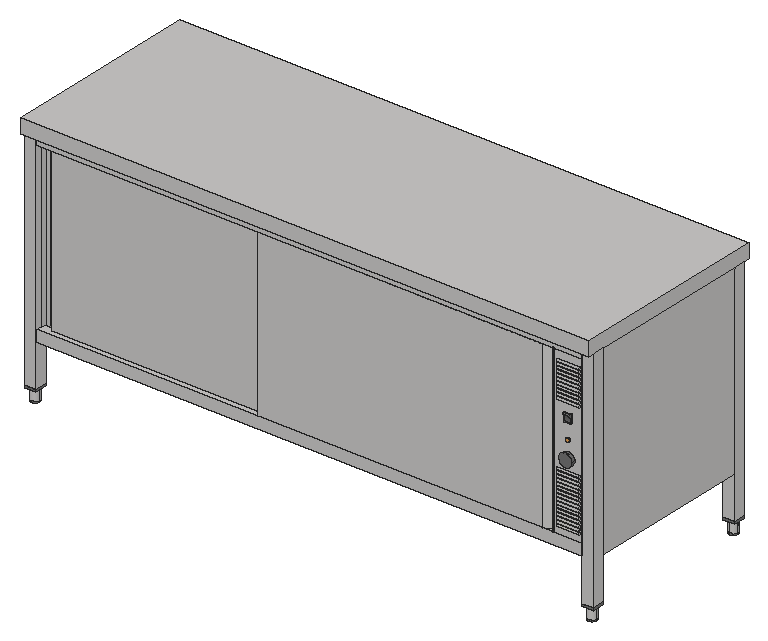
Revit family "QF_ELECTROLUXPROFESSIONAL_134058_GTCD2000E", category Attrezzature speciali, Revit 2020
Family settings
  Quota connettore circolare = Usa diametro
  Tipo di parte = Normale
  Basato su piano di lavoro = No
  Sempre verticale = Sì
  Taglio con vuoti quando caricato = No
  Condiviso = No
  Punto di calcolo locali = No
Parameters (values of type "Standard")
  Weight = 116.00 kg
  Watts = 2530 W
  Volts = 220 V
  URL Manufacturer = "https://www.electroluxprofessional.com/"
  URL = "https://www.electroluxprofessional.com/"
  Steam Supply Size = 0 mm
  Steam Supply Minimum Pressure = 0.0 Pa
  Steam Supply Maximum Pressure = 0.0 Pa
  Steam Consumption per Hour = 0
  Refrigeration Suction Line Size = 0.0 mm
  Refrigeration Liquid Line Size = 0.0 mm
  Refrigerant Compressor Remote = yes
  Prospetto di default = 0.0 mm
  Produttore = "Electrolux Professional"
  Phase = 1
  Modello = "GTCD2000E"
  Length Actual = 2000.0 mm  # constant formula
  Item Number = "134058"
  Hot Water Size = 0 mm
  Height Actual = 900.0 mm  # constant formula
  HP = "3.4 HP"
  Gas Size = 0 mm
  Gas KW = 0
  Gas Input Pressure = 0 W
  Direct Waste Size = 0 mm
  Descrizione = "HOT PASSTHRU CUPBOARD 2000 MM"
  Depth Actual = 700.0 mm  # constant formula
  Cycle = 50 Hz
  Condensate Return Size = 0 mm
  Compressed Air Volume = 0.0 L/s
  Compressed Air Size = 0 mm
  Compressed Air Pressure = 0.0 Pa
  Cold Water Size = 0 mm
  Accessory = yes
Reference planes
  plane 1 "Center (Front/Back)": y = 0
  plane 2: z = 0
  plane 3 "Center (Left/Right)": x = -500
  plane 4 "LEFT": x = -1500
  plane 5 "RIGHT": x = 500
  plane 6 "BACK": y = 350
  plane 7 "FRONT": y = -350
  plane 8 "Base": z = 850
  plane 9 "TOP": z = 900
  plane 10: x = -1480
  plane 11: x = 480
  plane 12: y = 310
  plane 13: y = -310
  plane 14 "BodyLeft": x = -1500
  plane 15 "BodyFront": y = -330
  plane 16 "BodyRight": x = 500
  plane 17 "BodyBack": y = 330
  plane 18 "FEET": z = 200
  plane 19: x = -420
  plane 20: x = -680
  plane 21 "AxeSlideDoor": x = -550
  plane 22: x = 360
  plane 23: x = 410
  plane 24: y = -160
Forms (mm)
  Extrusion 1, solid, material "QF_Finishes_Stainless Steel"
    sketch origin (-500, 0, 0) x (0, 1, 0) y (0, 0, 1)
      loop
        line (-350, 850) -> (350, 850) -> (350, 900) -> (-350, 900) -> (-350, 850)
    from 1000 to -1000
  Extrusion 2, solid, material "QF_Finishes_Stainless Steel"
    sketch origin (0, 0, 200) x (-1, 0, 0) y (0, -1, 0)
      loop
        line (1500, -290) -> (1500, 290) -> (1460, 290) -> (1460, -290) -> (1500, -290)
      loop
        line (-460, -290) -> (-460, 290) -> (-500, 290) -> (-500, -290) -> (-460, -290)
    from 0 to 650
  Extrusion 3, solid, material "QF_Finishes_Stainless Steel"
    sketch origin (0, 0, 200) x (-1, 0, 0) y (0, -1, 0)
      loop
        line (1460, -330) -> (1460, 330) -> (-460, 330) -> (-460, -330) -> (1460, -330)
    from 0 to 40
  Extrusion 4, solid, material "QF_Finishes_Stainless Steel"
    sketch origin (0, 0, 200) x (-1, 0, 0) y (0, -1, 0)
      loop
        line (-360, -290) -> (-460, -290) -> (-460, -330) -> (-360, -330) -> (-360, -290)
    from 40 to 620
  Extrusion 5, solid, material "QF_Finishes_Stainless Steel"
    sketch origin (0, 0, 200) x (-1, 0, 0) y (0, -1, 0)
      loop
        line (-360, 330) -> (-360, 310) -> (680, 310) -> (680, 330) -> (-320, 330) -> (-340, 315) -> (-355, 315) -> (-355, 330) -> (-360, 330)
    from 40 to 620
  Extrusion 6, solid, material "QF_Finishes_Stainless Steel"
    sketch origin (0, 20, 200) x (1, 0, 0) y (0, 1, 0)
      loop
        line (-1460, -330) -> (-1455, -330) -> (-1455, -315) -> (-1440, -315) -> (-1420, -330) -> (-420, -330) -> (-420, -310) -> (-1460, -310) -> (-1460, -330)
    from 40 to 620
  Extrusion 7, solid, material "QF_Finishes_Stainless Steel"
    sketch origin (0, 0, 200) x (-1, 0, 0) y (0, -1, 0)
      loop
        line (1460, 290) -> (-460, 290) -> (-460, -290) -> (1460, -290) -> (1460, 290)
    from 350 to 390
  Extrusion 8, solid, material "QF_Finishes_Stainless Steel"
    sketch origin (0, 0, 200) x (-1, 0, 0) y (0, -1, 0)
      loop
        line (1460, 330) -> (-460, 330) -> (-460, -330) -> (1460, -330) -> (1460, 330)
    from 620 to 650
  Extrusion 9, solid, material "QF_Finishes_Stainless Steel"
    sketch origin (0, 0, 200) x (-1, 0, 0) y (0, -1, 0)
      loop
        circle (-410, 160) r 10
    from 0 to -5
  Extrusion 10, solid, material "QF_Finishes_Stainless Steel"
    sketch origin (0, 0, 200) x (-1, 0, 0) y (0, -1, 0)
      loop
        line (-360, -330) -> (-355, -330) -> (-355, -315) -> (-340, -315) -> (-320, -330) -> (680, -330) -> (680, -310) -> (-360, -310) -> (-360, -330)
    from 40 to 620
  Extrusion 11, solid, material "QF_Finishes_Stainless Steel"
    sketch origin (0, -20, 200) x (1, 0, 0) y (0, 1, 0)
      loop
        line (-1460, 330) -> (-1460, 310) -> (-420, 310) -> (-420, 330) -> (-1420, 330) -> (-1440, 315) -> (-1455, 315) -> (-1455, 330) -> (-1460, 330)
    from 40 to 620
Cuts and joins
  joined: Extrusion 4, Extrusion 8
Lines and regions (mm)
  symbolic lines
    curve 1: line (500, 350, 900) -> (-1500, 350, 900)
    curve 2: line (-1500, 350, 900) -> (-1500, -350, 900)
    curve 3: line (-1500, -350, 900) -> (500, -350, 900)
    curve 4: line (500, -350, 900) -> (500, 350, 900)
  symbolic lines, style "SpecialityEquipmentHiddenLines"
    curve 5: line (-1500, 330, 200) -> (500, 330, 200)
    curve 6: line (-1500, -330, 200) -> (-1500, 330, 200)
    curve 7: line (500, -330, 200) -> (-1500, -330, 200)
    curve 8: line (500, 330, 200) -> (500, -330, 200)
    curve 9: line (-1460, -290, 200) -> (-420, -290, 200)
    curve 10: line (-420, -290, 200) -> (-420, -310, 200)
    curve 11: line (-1460, -310, 200) -> (360, -310, 200)
    curve 12: line (360, -310, 200) -> (360, -330, 200)
    curve 13: line (-680, -310, 200) -> (-680, -330, 200)
    curve 14: line (-1460, -290, 200) -> (-1460, -310, 200)
    curve 15: line (-1460, 290, 200) -> (-420, 290, 200)
    curve 16: line (-420, 290, 200) -> (-420, 310, 200)
    curve 17: line (-1460, 310, 200) -> (360, 310, 200)
    curve 18: line (360, 310, 200) -> (360, 330, 200)
    curve 19: line (-680, 310, 200) -> (-680, 330, 200)
    curve 20: line (-1460, 290, 200) -> (-1460, 310, 200)
Dimensions and locks
  plane 4 "LEFT" to plane 5 "RIGHT" = 2000.0 mm
  equal spacing: plane 4 "LEFT", plane 3 "Center (Left/Right)", plane 5 "RIGHT"
  locked: plane 8 "Base" to level at 850
  plane 9 "TOP" to level = 900.0 mm
  plane 6 "BACK" to plane 7 "FRONT" = 700.0 mm
  equal spacing: plane 6 "BACK", plane 1 "Center (Front/Back)", plane 7 "FRONT"
  locked: plane 4 "LEFT" to plane 14 "BodyLeft"
  locked: plane 16 "BodyRight" to plane 5 "RIGHT"
  locked: plane 15 "BodyFront" to plane 7 "FRONT" at 20
  locked: plane 6 "BACK" to plane 17 "BodyBack" at 20
  locked: plane 14 "BodyLeft" to plane 10 at 20
  locked: plane 11 to plane 16 "BodyRight" at 20
  locked: plane 13 to plane 15 "BodyFront" at 20
  locked: plane 17 "BodyBack" to plane 12 at 20
  plane 10 to plane 11 = 1960.0 mm
  plane 12 to plane 13 = 620.0 mm
  locked: plane 14 "BodyLeft" to Extrusion 2 sketch curve at 40
  Extrusion 2 sketch curve to Extrusion 2 sketch curve = 40.0 mm
  locked: plane 18 "FEET" to plane 2 at 200
  plane 22 to plane 5 "RIGHT" = 140.0 mm
  equal spacing: Extrusion 2, plane 21 "AxeSlideDoor", plane 22
  locked: plane 20 to plane 21 "AxeSlideDoor" at 130
  locked: plane 21 "AxeSlideDoor" to plane 19 at 130
  plane 24 to plane 7 "FRONT" = 190.0 mm
  plane 23 to plane 16 "BodyRight" = 90.0 mm
  aligned and locked: level to plane 2
  aligned and locked: plane 10 to nested 1
  aligned and locked: nested 1 to plane 13
  aligned and locked: plane 11 to nested 2
  aligned and locked: nested 2 to plane 13
  aligned and locked: plane 11 to nested 4
  aligned and locked: nested 4 to plane 12
  aligned and locked: plane 10 to nested 3
  aligned and locked: nested 3 to plane 12
  aligned and locked: Extrusion 1 to plane 4 "LEFT"
  aligned and locked: plane 5 "RIGHT" to Extrusion 1
  aligned and locked: curve 2 to plane 4 "LEFT"
  aligned and locked: Extrusion 2 sketch curve to plane 14 "BodyLeft"
  aligned and locked: plane 16 "BodyRight" to Extrusion 2 sketch curve
  aligned and locked: plane 8 "Base" to Extrusion 2
  aligned and locked: Extrusion 5 to Extrusion 3
  aligned and locked: Extrusion 6 sketch curve to plane 19
  aligned and locked: Extrusion 5 sketch curve to plane 20
  aligned and locked: Extrusion 1 to plane 8 "Base"
  aligned and locked: plane 9 "TOP" to Extrusion 1
  aligned and locked: curve 5 to plane 17 "BodyBack"
  aligned and locked: plane 14 "BodyLeft" to curve 6
  aligned and locked: plane 15 "BodyFront" to curve 7
  aligned and locked: plane 16 "BodyRight" to curve 8
  aligned and locked: Extrusion 3 sketch curve to Extrusion 2  (x2)
  aligned and locked: Extrusion 2 to Extrusion 4 sketch curve
  aligned and locked: curve 7 to Extrusion 3 sketch curve
  aligned and locked: plane 22 to Extrusion 5 sketch curve
  aligned and locked: nested 5 to Extrusion 2
  aligned and locked: nested 5 to Extrusion 3
  aligned and locked: Extrusion 8 sketch curve to plane 15 "BodyFront"
  aligned and locked: Extrusion 4 sketch curve to plane 22
  aligned and locked: Extrusion 3 sketch curve to plane 17 "BodyBack"
  aligned and locked: plane 17 "BodyBack" to Extrusion 8 sketch curve
  aligned and locked: curve 12 to plane 22
  aligned and locked: plane 22 to curve 18
Automatic sketch dimensions
  curve 3 to plane 5 "RIGHT" = 0.0 mm
  curve 3 to plane 7 "FRONT" = 0.0 mm
  curve 2 to plane 6 "BACK" = 0.0 mm
  Extrusion 1 sketch curve to plane 7 "FRONT" = 0.0 mm
  Extrusion 1 sketch curve to plane 6 "BACK" = 0.0 mm
  Extrusion 1 sketch curve to plane 8 "Base" = 0.0 mm
  Extrusion 1 sketch curve to plane 9 "TOP" = 0.0 mm
  Extrusion 2 sketch curve to plane 12 = 20.0 mm  (x2)
  plane 13 to Extrusion 2 sketch curve = 20.0 mm  (x2)
  Extrusion 4 sketch curve to plane 17 "BodyBack" = 0.0 mm
  Extrusion 4 sketch curve to plane 12 = 20.0 mm
  Extrusion 5 sketch curve to plane 15 "BodyFront" = 0.0 mm  (x2)
  Extrusion 5 sketch curve to plane 13 = 0.0 mm
  Extrusion 5 sketch curve to plane 22 = 5.0 mm
  Extrusion 5 sketch curve to plane 13 = 5.0 mm
  Extrusion 5 sketch curve to Extrusion 5 sketch curve = 15.0 mm
  Extrusion 5 sketch curve to Extrusion 5 sketch curve = 20.0 mm
  Extrusion 6 sketch curve to plane 13 = 0.0 mm  (x2)
  Extrusion 6 sketch curve to plane 10 = 60.0 mm
  Extrusion 6 sketch curve to plane 13 = 15.0 mm
  Extrusion 6 sketch curve to Extrusion 6 sketch curve = 20.0 mm  (x2)
  Extrusion 6 sketch curve to Extrusion 6 sketch curve = 15.0 mm
  Extrusion 6 sketch curve to Extrusion 6 sketch curve = 5.0 mm
  curve 17 to plane 12 = 0.0 mm
  curve 12 to plane 13 = 0.0 mm
  curve 16 to plane 19 = 0.0 mm
  curve 10 to plane 19 = 0.0 mm
  curve 13 to plane 20 = 0.0 mm
  curve 19 to plane 20 = 0.0 mm
  plane 10 to curve 14 = 20.0 mm
  plane 10 to curve 15 = 20.0 mm
  curve 17 to curve 20 = 20.0 mm
  plane 13 to curve 14 = 20.0 mm
  Extrusion 7 sketch curve to plane 11 = 20.0 mm
  plane 10 to Extrusion 7 sketch curve = 20.0 mm
  Extrusion 7 sketch curve to plane 12 = 20.0 mm
  plane 13 to Extrusion 7 sketch curve = 20.0 mm
  Extrusion 8 sketch curve to plane 11 = 20.0 mm
  plane 10 to Extrusion 8 sketch curve = 20.0 mm
  Extrusion 9 sketch curve to plane 23 = 0.0 mm
  Extrusion 9 sketch curve to plane 24 = 0.0 mm
  Extrusion 10 sketch curve to plane 17 "BodyBack" = 0.0 mm  (x2)
  Extrusion 10 sketch curve to plane 22 = 0.0 mm
  Extrusion 10 sketch curve to plane 20 = 0.0 mm
  Extrusion 10 sketch curve to plane 12 = 0.0 mm
  plane 22 to Extrusion 10 sketch curve = 5.0 mm
  Extrusion 10 sketch curve to plane 12 = 5.0 mm
  Extrusion 10 sketch curve to Extrusion 10 sketch curve = 15.0 mm
  Extrusion 10 sketch curve to Extrusion 10 sketch curve = 20.0 mm
  Extrusion 11 sketch curve to plane 12 = 0.0 mm  (x2)
  Extrusion 11 sketch curve to plane 19 = 0.0 mm
  plane 10 to Extrusion 11 sketch curve = 60.0 mm
  Extrusion 11 sketch curve to plane 12 = 15.0 mm
  Extrusion 11 sketch curve to Extrusion 11 sketch curve = 20.0 mm  (x2)
  Extrusion 11 sketch curve to Extrusion 11 sketch curve = 15.0 mm
  Extrusion 11 sketch curve to Extrusion 11 sketch curve = 5.0 mm
  radius of Extrusion 9 sketch curve = 10.0 mm
Nested families
  nested 1: "FEET_40x40_APP50" at (-1480, -310, 0), type "FEET_40x40_APP50"
  nested 2: "FEET_40x40_APP50" at (480, -310, 0), type "FEET_40x40_APP50"
  nested 3: "FEET_40x40_APP50" at (-1480, 310, 0), type "FEET_40x40_APP50"
  nested 4: "FEET_40x40_APP50" at (480, 310, 0), type "FEET_40x40_APP50"
  nested 5: "WT_PNL100x580" at (546.92, -290, 605) x (1, 0, 0) z (0, -1, 0), type "WT_PNL100x580"
    with Show Logo yes
  nested 6: "FEET_40x40_APP50" at (-680, 310, 0), type "FEET_40x40_APP50"
  nested 7: "FEET_40x40_APP50" at (480, 310, 0), type "FEET_40x40_APP50"
Connectors
  electrical at (410, -160, 195)
    settings: on Extrusion 9, index 1, voltage 0 V, apparent load 0 VA, apparent load phase1 0 VA, apparent load phase2 0 VA, apparent load phase3 0 VA, power factor 1, load classification "Other", number of poles 1, system type 30, power factor state 1, is connector primary yes, connector utility no, sub classification motor no, connector description "Electrical connection"
Definition of nested family "FEET_40x40_APP50"
  Parameters
    Default Elevation = 0.0 mm
    FEET = 850.0 mm
  Reference planes
    plane 1 "Center (Front/Back)": y = 0
    plane 2: z = 0
    plane 3 "Center (Left/Right)": x = 0
    plane 4: z = 850
  Forms (mm)
    Extrusion 1, solid
      sketch origin (0, 0, 0) x (1, 0, 0) y (0, 1, 0)
        loop
          line (-20, -20) -> (20, -20) -> (20, 20) -> (-20, 20) -> (-20, -20)
      from 50 to 850
    Extrusion 2, solid
      sketch origin (0, 0, 0) x (1, 0, 0) y (0, 1, 0)
        loop
          circle (0, 0) r 15
      from 0 to 5
    Extrusion 3, solid
      sketch origin (0, 0, 0) x (1, 0, 0) y (0, 1, 0)
        loop
          line (-20, -20) -> (20, -20) -> (20, 20) -> (-20, 20) -> (-20, -20)
      from 50 to 42
    Extrusion 4, solid
      sketch origin (0, 0, 0) x (1, 0, 0) y (0, 1, 0)
        loop
          circle (0, 0) r 15
      from 5 to 42
  Lines and regions (mm)
    symbolic lines
      curve 1: line (0, -1.503, 0) -> (0, 1.508, 0)
      curve 2: line (1.561, 0, 0) -> (-1.439, 0, 0)
  Dimensions and locks
    "FEET": plane 4 to plane 2
    aligned and locked: level to plane 2
  Automatic sketch dimensions
    plane 1 "Center (Front/Back)" to curve 2 = 0.0 mm
    curve 1 to plane 3 "Center (Left/Right)" = 0.0 mm
    curve 2 to plane 3 "Center (Left/Right)" = 1.439 mm
    plane 3 "Center (Left/Right)" to curve 2 = 1.561 mm
    plane 1 "Center (Front/Back)" to curve 1 = 1.503 mm
    curve 1 to plane 1 "Center (Front/Back)" = 1.508 mm
    Extrusion 1 sketch curve to plane 3 "Center (Left/Right)" = 20.0 mm
    plane 3 "Center (Left/Right)" to Extrusion 1 sketch curve = 20.0 mm
    plane 1 "Center (Front/Back)" to Extrusion 1 sketch curve = 20.0 mm
    Extrusion 1 sketch curve to plane 1 "Center (Front/Back)" = 20.0 mm
    plane 1 "Center (Front/Back)" to Extrusion 2 sketch curve = 0.0 mm
    Extrusion 2 sketch curve to plane 3 "Center (Left/Right)" = 0.0 mm
    Extrusion 3 sketch curve to plane 3 "Center (Left/Right)" = 20.0 mm
    plane 3 "Center (Left/Right)" to Extrusion 3 sketch curve = 20.0 mm
    plane 1 "Center (Front/Back)" to Extrusion 3 sketch curve = 20.0 mm
    Extrusion 3 sketch curve to plane 1 "Center (Front/Back)" = 20.0 mm
    plane 1 "Center (Front/Back)" to Extrusion 4 sketch curve = 0.0 mm
    Extrusion 4 sketch curve to plane 3 "Center (Left/Right)" = 0.0 mm
    radius of Extrusion 2 sketch curve = 15.0 mm
    radius of Extrusion 4 sketch curve = 15.0 mm
Definition of nested family "WT_PNL100x580"
  Parameters
    Show Logo [instance] = yes
    Default Elevation = 1219.2 mm
  Reference planes
    plane 1 "Center (Front/Back)": y = -75
    plane 2: z = 0
    plane 3 "Center (Left/Right)": x = -136.92
    plane 4: x = -186.92
    plane 5: x = -86.92
    plane 6 "TOP": z = 40
  Forms (mm)
    Extrusion 1, solid
      sketch origin (0, 0, 0) x (1, 0, 0) y (0, 1, 0)
        loop
          line (-1219.2, 1219.2) -> (-1219.2, -1219.2) -> (1219.2, -1219.2) -> (1219.2, 1219.2) -> (-1219.2, 1219.2)
      from 0 to -304.8
    Extrusion 2, solid
      sketch origin (0, 35, 0) x (1, 0, 0) y (0, 1, 0)
        loop
          line (-186.92, 180) -> (-186.92, -400) -> (-86.92, -400) -> (-86.92, 180) -> (-186.92, 180)
      from 0 to 40
    Extrusion 3, solid
      sketch origin (0, 35, 40) x (-1, 0, 0) y (0, -1, 0)
        loop
          circle (136.92, 151.711) r 22.964
      from 0 to 11.071
    Extrusion 4, solid
      sketch origin (-136.92, 35, 0) x (0, 1, 0) y (0, 0, 1)
        loop
          line (95.896, 40) -> (104.899, 40) -> (95.896, 41.206) -> (95.896, 40)
        loop
          line (107.896, 40) -> (116.899, 40) -> (107.896, 41.206) -> (107.896, 40)
        loop
          line (119.896, 40) -> (128.899, 40) -> (119.896, 41.206) -> (119.896, 40)
        loop
          line (131.896, 40) -> (140.899, 40) -> (131.896, 41.206) -> (131.896, 40)
        loop
          line (143.896, 40) -> (152.899, 40) -> (143.896, 41.206) -> (143.896, 40)
        loop
          line (-246.104, 40) -> (-237.101, 40) -> (-246.104, 41.206) -> (-246.104, 40)
        loop
          line (-234.104, 40) -> (-225.101, 40) -> (-234.104, 41.206) -> (-234.104, 40)
        loop
          line (-222.104, 40) -> (-213.101, 40) -> (-222.104, 41.206) -> (-222.104, 40)
        loop
          line (-210.104, 40) -> (-201.101, 40) -> (-210.104, 41.206) -> (-210.104, 40)
        loop
          line (-198.104, 40) -> (-189.101, 40) -> (-198.104, 41.206) -> (-198.104, 40)
        loop
          line (-318.104, 40) -> (-309.101, 40) -> (-318.104, 41.206) -> (-318.104, 40)
        loop
          line (-306.104, 40) -> (-297.101, 40) -> (-306.104, 41.206) -> (-306.104, 40)
        loop
          line (-294.104, 40) -> (-285.101, 40) -> (-294.104, 41.206) -> (-294.104, 40)
        loop
          line (-282.104, 40) -> (-273.101, 40) -> (-282.104, 41.206) -> (-282.104, 40)
        loop
          line (-270.104, 40) -> (-261.101, 40) -> (-270.104, 41.206) -> (-270.104, 40)
        loop
          line (-258.104, 40) -> (-249.101, 40) -> (-258.104, 41.206) -> (-258.104, 40)
        loop
          line (-366.104, 40) -> (-357.101, 40) -> (-366.104, 41.206) -> (-366.104, 40)
        loop
          line (-354.104, 40) -> (-345.101, 40) -> (-354.104, 41.206) -> (-354.104, 40)
        loop
          line (-342.104, 40) -> (-333.101, 40) -> (-342.104, 41.206) -> (-342.104, 40)
        loop
          line (-330.104, 40) -> (-321.101, 40) -> (-330.104, 41.206) -> (-330.104, 40)
        loop
          line (-378.104, 40) -> (-369.101, 40) -> (-378.104, 41.206) -> (-378.104, 40)
        loop
          line (23.896, 40) -> (32.899, 40) -> (23.896, 41.206) -> (23.896, 40)
        loop
          line (35.896, 40) -> (44.899, 40) -> (35.896, 41.206) -> (35.896, 40)
        loop
          line (47.896, 40) -> (56.899, 40) -> (47.896, 41.206) -> (47.896, 40)
        loop
          line (59.896, 40) -> (68.899, 40) -> (59.896, 41.206) -> (59.896, 40)
        loop
          line (71.896, 40) -> (80.899, 40) -> (71.896, 41.206) -> (71.896, 40)
        loop
          line (83.896, 40) -> (92.899, 40) -> (83.896, 41.206) -> (83.896, 40)
      from -40 to 40
    Extrusion 5, solid
      sketch origin (0, -5, 40) x (-1, 0, 0) y (0, -1, 0)
        loop
          line (123.92, -32.89) -> (149.92, -32.89) -> (149.92, -1.89) -> (123.92, -1.89) -> (123.92, -32.89)
        loop
          line (148.92, -31.89) -> (148.92, -2.89) -> (124.92, -2.89) -> (124.92, -31.89) -> (148.92, -31.89)
      from 0 to 1.6
    Extrusion 6, solid
      sketch origin (0, 95, 40) x (-1, 0, 0) y (0, -1, 0)
        loop
          circle (136.92, 151.711) r 7
      from 0 to 1.6
    Extrusion 7, solid
      sketch origin (-136.92, 35, 0) x (0, 1, 0) y (0, 0, 1)
        loop
          line (-37.11, 38) -> (-8.11, 38) -> (-8.11, 41.206)
          arc (-8.11, 41.206) -> (-8.756, 45.488) -> (-10.639, 49.389) r 14.5
          arc (-10.639, 49.389) -> (-23.172, 43.026) -> (-37.11, 41.206) r 41.552
          line (-37.11, 41.206) -> (-37.11, 38)
      from -12 to 12
  Dimensions and locks
    equal spacing: plane 4, plane 3 "Center (Left/Right)", plane 5
    plane 6 "TOP" to level = 40.0 mm
    Extrusion 2 to Extrusion 2 = 580.0 mm
    plane 4 to plane 5 = 100.0 mm
    aligned and locked: plane 2 to Extrusion 1
    aligned and locked: level to Extrusion 1
  Automatic sketch dimensions
    Extrusion 1 sketch curve to Extrusion 1 sketch curve = 2438.4 mm  (x2)
    Extrusion 2 sketch curve to plane 4 = 0.0 mm
    Extrusion 2 sketch curve to plane 5 = 0.0 mm
    Extrusion 3 sketch curve to plane 3 "Center (Left/Right)" = 0.0 mm
    plane 1 "Center (Front/Back)" to Extrusion 3 sketch curve = 41.711 mm
    plane 3 "Center (Left/Right)" to Extrusion 5 sketch curve = 13.0 mm
    Extrusion 5 sketch curve to plane 3 "Center (Left/Right)" = 13.0 mm
    Extrusion 5 sketch curve to plane 1 "Center (Front/Back)" = 102.89 mm
    Extrusion 5 sketch curve to Extrusion 5 sketch curve = 31.0 mm
    Extrusion 6 sketch curve to plane 3 "Center (Left/Right)" = 0.0 mm
    Extrusion 6 sketch curve to plane 1 "Center (Front/Back)" = 18.289 mm
    Extrusion 4 sketch curve to plane 6 "TOP" = 0.0 mm  (x27)
    Extrusion 4 sketch curve to Extrusion 4 sketch curve = 9.003 mm  (x27)
    Extrusion 4 sketch curve to Extrusion 4 sketch curve = 2.997 mm  (x25)
    plane 6 "TOP" to Extrusion 4 sketch curve = 1.206 mm  (x27)
    Extrusion 4 sketch curve to plane 1 "Center (Front/Back)" = 133.896 mm
    Extrusion 5 sketch curve to Extrusion 5 sketch curve = 1.0 mm  (x4)
    Extrusion 7 sketch curve to plane 6 "TOP" = 2.0 mm
    Extrusion 7 sketch curve to plane 1 "Center (Front/Back)" = 72.89 mm
    Extrusion 7 sketch curve to plane 1 "Center (Front/Back)" = 74.556 mm
    plane 6 "TOP" to Extrusion 7 sketch curve = 1.206 mm  (x2)
    Extrusion 7 sketch curve to Extrusion 7 sketch curve = 14.5 mm  (x2)
    Extrusion 7 sketch curve to Extrusion 7 sketch curve = 2.529 mm
    Extrusion 2 sketch curve to plane 1 "Center (Front/Back)" = 290.0 mm
    plane 1 "Center (Front/Back)" to Extrusion 2 sketch curve = 290.0 mm
    plane 1 "Center (Front/Back)" to Extrusion 4 sketch curve = 79.101 mm
    radius of Extrusion 3 sketch curve = 22.964 mm
    radius of Extrusion 6 sketch curve = 7.0 mm
